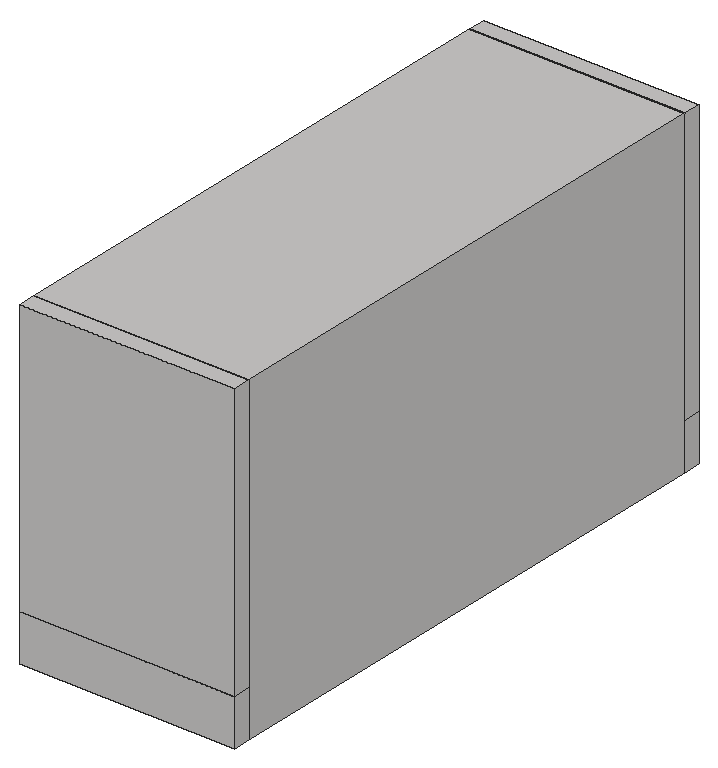
Revit family "QF_ELECTROLUXPROFESSIONAL_588693_MB3ACOCOOO", category Attrezzature speciali, Revit 2020
Family settings
  Quota connettore circolare = Usa diametro
  Tipo di parte = Normale
  Basato su piano di lavoro = No
  Sempre verticale = Sì
  Taglio con vuoti quando caricato = No
  Condiviso = No
  Punto di calcolo locali = No
Parameters (values of type "Standard")
  Weight = 9.50 kg
  Watts = 0 W
  Volts = 0 V
  URL Manufacturer = "https://www.electroluxprofessional.com/"
  URL = "https://www.electroluxprofessional.com/"
  Steam Supply Size = 0"
  Steam Supply Minimum Pressure = 0.00 psi
  Steam Supply Maximum Pressure = 0.00 psi
  Steam Consumption per Hour = 0
  Refrigeration Suction Line Size = 0 mm
  Refrigeration Liquid Line Size = 0 mm
  Refrigerant Compressor Remote = yes
  Prospetto di default = 0 mm
  Phase = 0
  Modello = "MB3ACOCOOO"
  Produttore = "Electrolux Professional"
  Length Actual = 300 mm  # constant formula
  Item Number = "588693"
  Hot Water Size = 0"
  Height Actual = 450 mm  # constant formula
  HP = "0 HP"
  Gas Size = 0"
  Gas KW = 0
  Gas Input Pressure = 0.0 Btu/h
  Direct Waste Size = 0"
  Descrizione = "CLOSED BASE, 300X850X450"
  Depth Actual = 850 mm  # constant formula
  Cycle = 0 Hz
  Condensate Return Size = 0"
  Compressed Air Volume = 0 GPM
  Compressed Air Size = 0"
  Compressed Air Pressure = 0.00 psi
  Cold Water Size = 0"
  Accessory = yes
Reference planes
  plane 1 "BACK": y = 0
  plane 2: z = 0
  plane 3 "LEFT": x = 0
  plane 4 "RIGHT": x = 300
  plane 5 "FRONT": y = -850
  plane 6 "PLAIN": z = 900
  plane 7 "Center (Left/Right)": x = 150
  plane 8 "Center (Front/Back)": y = -425
  plane 9 "TOP": z = 650
  plane 10 "BASE": z = 200
  plane 11: x = 222
  plane 12: x = 78
  plane 13 "Feet_back": y = -150
  plane 14 "Feet_Front": y = -720
  plane 15: x = 0
  plane 16: z = 265
  plane 17: y = -20
  plane 18: y = -805
  plane 19: y = -45
  plane 20: y = -830
Forms (mm)
  Extrusion 1, solid, material "QF_Finishes_Stainless Steel"
    sketch origin (0, 0, 650) x (0, 1, 0) y (0, 0, 1)
      loop
        line (-45, -450) -> (-45, 0) -> (-805, 0) -> (-805, -450) -> (-45, -450)
    from 0 to 300
  Extrusion 2, solid, material "QF_Finishes_Stainless Steel"
    sketch origin (0, 0, 650) x (0, 1, 0) y (0, 0, 1)
      loop
        line (-830, -450) -> (-805, -450) -> (-805, -385) -> (-830, -385) -> (-830, -450)
    from 0 to 300
  Extrusion 3, solid, material "QF_Finishes_Stainless Steel"
    sketch origin (0, 260, 650) x (0, 1, 0) y (0, 0, 1)
      loop
        line (-305, -450) -> (-280, -450) -> (-280, -385) -> (-305, -385) -> (-305, -450)
    from 0 to 300
  Extrusion 4, solid, material "QF_Finishes_Stainless Steel"
    sketch origin (0, 260, 870) x (0, 1, 0) y (0, 0, 1)
      loop
        line (-305, -605) -> (-280, -605) -> (-280, -220) -> (-305, -220) -> (-305, -605)
    from 0 to 300
  Extrusion 5, solid, material "QF_Finishes_Stainless Steel"
    sketch origin (0, 0, 870) x (0, 1, 0) y (0, 0, 1)
      loop
        line (-830, -605) -> (-805, -605) -> (-805, -220) -> (-830, -220) -> (-830, -605)
    from 0 to 300
Lines and regions (mm)
  symbolic lines, style "SpecialityEquipmentHiddenLines"
    curve 1: line (0, 0, 0) -> (300, 0, 0)
    curve 2: line (0, -850, 0) -> (0, 0, 0)
    curve 3: line (300, -850, 0) -> (0, -850, 0)
    curve 4: line (300, 0, 0) -> (300, -850, 0)
Dimensions and locks
  plane 3 "LEFT" to plane 4 "RIGHT" = 300 mm
  plane 5 "FRONT" to plane 1 "BACK" = 850 mm
  equal spacing: plane 3 "LEFT", plane 7 "Center (Left/Right)", plane 4 "RIGHT"
  equal spacing: plane 5 "FRONT", plane 8 "Center (Front/Back)", plane 1 "BACK"
  plane 6 "PLAIN" to plane 9 "TOP" = 250 mm
  plane 10 "BASE" to level = 200 mm
  plane 9 "TOP" to plane 10 "BASE" = 450 mm
  locked: plane 1 "BACK" to plane 13 "Feet_back" at 150
  locked: plane 14 "Feet_Front" to plane 5 "FRONT" at 130
  locked: plane 12 to plane 3 "LEFT" at 78
  locked: plane 11 to plane 4 "RIGHT" at 78
  locked: plane 16 to plane 10 "BASE" at 65
  locked: plane 1 "BACK" to plane 17 at 20
  plane 6 "PLAIN" to level = 900 mm
  locked: plane 17 to plane 19 at 25
  locked: plane 20 to plane 5 "FRONT" at 20
  locked: plane 18 to plane 20 at 25
  plane 17 to plane 20 = 810 mm
  aligned and locked: level to plane 2
  aligned and locked: Extrusion 1 to plane 4 "RIGHT"
  aligned and locked: Extrusion 1 to plane 3 "LEFT"
  aligned and locked: Extrusion 2 to plane 4 "RIGHT"
  aligned and locked: Extrusion 2 to plane 10 "BASE"
  aligned and locked: Extrusion 2 to plane 16
  aligned and locked: Extrusion 2 to plane 18
  aligned and locked: plane 20 to Extrusion 2
  aligned and locked: Extrusion 3 to plane 17
  aligned and locked: Extrusion 3 to Extrusion 1
  aligned and locked: plane 9 "TOP" to Extrusion 4
  aligned and locked: plane 16 to Extrusion 4
  aligned and locked: plane 20 to Extrusion 5
  aligned and locked: Extrusion 5 to plane 18
  aligned and locked: Extrusion 5 to plane 4 "RIGHT"
  aligned and locked: Extrusion 3 to plane 4 "RIGHT"
  aligned and locked: Extrusion 4 to plane 4 "RIGHT"
Automatic sketch dimensions
  curve 3 to plane 3 "LEFT" = 0 mm
  curve 3 to plane 4 "RIGHT" = 0 mm
  plane 5 "FRONT" to curve 3 = 0 mm
  plane 1 "BACK" to curve 2 = 0 mm
  Extrusion 1 sketch curve to plane 10 "BASE" = 0 mm
  Extrusion 1 sketch curve to plane 18 = 0 mm
  Extrusion 1 sketch curve to plane 19 = 0 mm
  Extrusion 1 sketch curve to plane 9 "TOP" = 0 mm
  plane 16 to Extrusion 2 sketch curve = 0 mm
  Extrusion 2 sketch curve to plane 20 = 0 mm
  Extrusion 2 sketch curve to plane 10 "BASE" = 0 mm
  Extrusion 2 sketch curve to plane 18 = 0 mm
  plane 16 to Extrusion 3 sketch curve = 0 mm
  Extrusion 3 sketch curve to plane 19 = 0 mm
  Extrusion 3 sketch curve to plane 10 "BASE" = 0 mm
  Extrusion 3 sketch curve to plane 17 = 0 mm
  Extrusion 4 sketch curve to plane 9 "TOP" = 0 mm
  Extrusion 4 sketch curve to plane 19 = 0 mm
  plane 16 to Extrusion 4 sketch curve = 0 mm
  Extrusion 4 sketch curve to plane 17 = 0 mm
  Extrusion 5 sketch curve to plane 9 "TOP" = 0 mm
  plane 16 to Extrusion 5 sketch curve = 0 mm
  Extrusion 5 sketch curve to plane 8 "Center (Front/Back)" = 405 mm
  Extrusion 5 sketch curve to Extrusion 5 sketch curve = 25 mm
